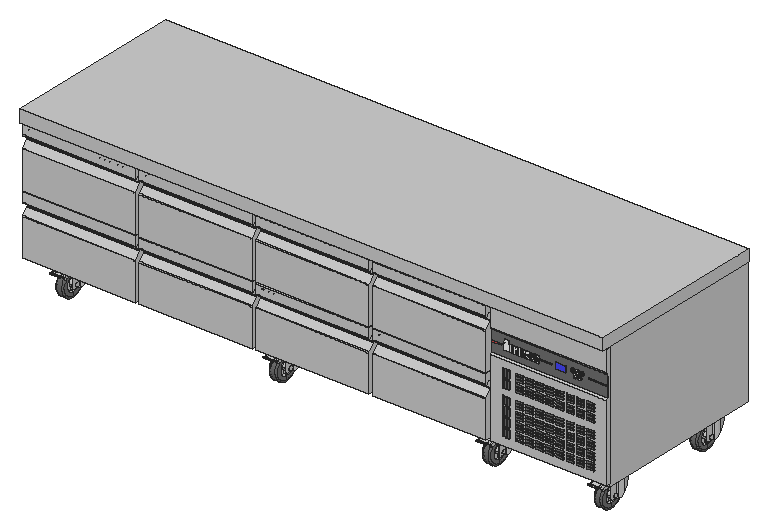
Revit family "QF_INOMAK_PWDP7777_250528083448", category Specialty Equipment, Revit 2021 (continued)
Definition of nested family "QF_INOMAK_REF_COUNTERS_DOORS_DRAWERS_16014"
  Definition of nested family "Hinged_Doors"
    Dimensions and locks
      aligned and locked: plane 5 "Front" to curve 2
      aligned and locked: plane 5 "Front" to curve 3
      aligned and locked: plane 5 "Front" to curve 4
      aligned and locked: Extrusion 4 to plane 16
      aligned and locked: Extrusion 2 to plane 16
      aligned and locked: Extrusion 1 sketch curve to plane 16
      aligned and locked: Extrusion 1 sketch curve to plane 15
      aligned and locked: Extrusion 3 sketch curve to plane 15
      aligned and locked: Extrusion 3 sketch curve to plane 16
    Automatic sketch dimensions
      Extrusion 1 sketch curve to Extrusion 1 sketch curve = 0 mm  (x2)
      Extrusion 1 sketch curve to plane 7 "Front legs" = 0 mm  (x2)
      plane 7 "Front legs" to Extrusion 1 sketch curve = 3 mm
      plane 7 "Front legs" to Extrusion 1 sketch curve = 3.461 mm
      plane 7 "Front legs" to Extrusion 1 sketch curve = 10 mm
      Extrusion 1 sketch curve to Extrusion 1 sketch curve = 7 mm
      plane 7 "Front legs" to Extrusion 1 sketch curve = 20 mm  (x2)
      Extrusion 1 sketch curve to Extrusion 1 sketch curve = 46.156 mm
      Extrusion 1 sketch curve to Extrusion 1 sketch curve = 15 mm
      Extrusion 1 sketch curve to Extrusion 1 sketch curve = 5.012 mm
      Extrusion 3 sketch curve to Extrusion 3 sketch curve = 0 mm  (x2)
      Extrusion 3 sketch curve to plane 7 "Front legs" = 0 mm  (x2)
      Extrusion 3 sketch curve to Extrusion 3 sketch curve = 3 mm
      plane 7 "Front legs" to Extrusion 3 sketch curve = 3.461 mm
      plane 7 "Front legs" to Extrusion 3 sketch curve = 10 mm
      Extrusion 3 sketch curve to Extrusion 3 sketch curve = 7 mm
      Extrusion 3 sketch curve to Extrusion 3 sketch curve = 16.539 mm
      Extrusion 3 sketch curve to Extrusion 3 sketch curve = 20 mm
      Extrusion 3 sketch curve to Extrusion 3 sketch curve = 46.156 mm
      Extrusion 3 sketch curve to Extrusion 3 sketch curve = 15 mm
      Extrusion 3 sketch curve to Extrusion 3 sketch curve = 5.012 mm
      Extrusion 4 sketch curve to plane 11 = 0 mm
      Extrusion 4 sketch curve to plane 7 "Front legs" = 0 mm
      Extrusion 4 sketch curve to plane 14 = 0 mm
  Definition of nested family "Hopper"
    Parameters (values of type "Hopper")
      URL = "www.specifiglobal.com"
      Top inset [instance] = 4 mm
      Right panel thickness [instance] = 35 mm
      Rear inset [instance] = 10 mm
      Plinth height [instance] = 150 mm
      Model = ""
      Manufacturer = "DEMO CONSULTANT"
      Length Actual [instance] = 700 mm
      Left panel thickness [instance] = 35 mm
      Hopper [instance] = Doors drawers type = 10  # yes
      Height Actual [instance] = 900 mm
      Front inset [instance] = 10 mm
      Finish [instance] = none
      Doors drawers type [instance] = 10
      Description = ""
      Depth Actual [instance] = 700 mm
      Default Elevation = 0 mm
      Bottom inset [instance] = 4 mm
      Assembly Code = "E1090320"
      2 Drawers = yes
    Reference planes
      plane 1 "Back": y = 0
      plane 2: z = 0
      plane 3 "Left": x = 0
      plane 4 "Right": x = 700
      plane 5 "Front": y = -700
      plane 6 "Top": z = 1050
      plane 7 "Front legs": y = -690
      plane 8 "Legs top": z = 150
      plane 9 "Backsplash thickness": y = -10
      plane 10 "Left panel": x = 35
      plane 11 "Right panel": x = 665
      plane 12: z = 1046
      plane 13: z = 154
    Forms (mm)
      Extrusion 1, solid, material <- "Finish", visible <- "Hopper"
        sketch origin (35, 0, 0) x (0, -1, 0) y (0, 0, 1)
          loop
            line (690, 154) -> (690, 960.365)
            arc (690, 960.365) -> (689.866, 961.037) -> (689.485, 961.607) r 1.757
            line (689.485, 961.607) -> (666.663, 984.429)
            arc (666.663, 984.429) -> (665.976, 985.458) -> (665.734, 986.672) r 3.172
            line (665.734, 986.672) -> (665.734, 1013.576)
            arc (665.734, 1013.576) -> (666.433, 1015.262) -> (668.119, 1015.961) r 2.385
            line (668.119, 1015.961) -> (680.029, 1015.961) -> (686.544, 1006.657)
            arc (686.544, 1006.657) -> (688.671, 1005.935) -> (690, 1007.747) r 1.9
            line (690, 1007.747) -> (690, 1046) -> (648, 1046) -> (648, 154) -> (690, 154)
        from 0 to -630
      Extrusion 2, solid, visible <- "Hopper", detail levels coarse
        sketch origin (35, 0, 0) x (0, -1, 0) y (0, 0, 1)
          loop
            line (690, 154) -> (1265, 154) -> (1265, 1046) -> (690, 1046) -> (690, 154)
        from 0 to -630
    Lines and regions (mm)
      symbolic lines, visible <- "Hopper"
        curve 1: line (35, -1225, 900) -> (35, -1265, 900)
        curve 2: line (35, -1265, 900) -> (665, -1265, 900)
        curve 3: line (665, -1265, 900) -> (665, -1225, 900)
        curve 4: line (665, -1225, 900) -> (35, -1225, 900)
        curve 5: line (635, -1225, 900) -> (635, -700, 900)
        curve 6: line (65, -1225, 900) -> (65, -700, 900)
    Dimensions and locks
      "Length Actual": plane 3 "Left" to plane 4 "Right"
      "Depth Actual": plane 5 "Front" to plane 1 "Back"
      "Height Actual": plane 6 "Top" to plane 8 "Legs top"
      "Front inset": plane 7 "Front legs" to plane 5 "Front"
      "Plinth height": plane 8 "Legs top" to plane 2
      "Rear inset": plane 9 "Backsplash thickness" to plane 1 "Back"
      "Right panel thickness": plane 11 "Right panel" to plane 4 "Right"
      "Left panel thickness": plane 3 "Left" to plane 10 "Left panel"
      "Top inset": plane 12 to plane 6 "Top"
      "Bottom inset": plane 13 to plane 8 "Legs top"
      aligned and locked: level to plane 2
      aligned and locked: Extrusion 1 to plane 11 "Right panel"
      aligned and locked: Extrusion 2 to plane 11 "Right panel"
      aligned and locked: plane 10 "Left panel" to Extrusion 2
      aligned and locked: Extrusion 1 sketch curve to plane 12
      aligned and locked: Extrusion 1 sketch curve to Extrusion 2
      aligned and locked: Extrusion 1 sketch curve to plane 13
    Automatic sketch dimensions
      Extrusion 1 sketch curve to Extrusion 1 sketch curve = 17.734 mm
      Extrusion 1 sketch curve to Extrusion 1 sketch curve = 0.929 mm
      Extrusion 1 sketch curve to Extrusion 1 sketch curve = 2.385 mm
      Extrusion 1 sketch curve to Extrusion 1 sketch curve = 3.172 mm
      Extrusion 1 sketch curve to Extrusion 1 sketch curve = 11.91 mm
      Extrusion 1 sketch curve to Extrusion 1 sketch curve = 6.515 mm
      Extrusion 1 sketch curve to Extrusion 1 sketch curve = 1.556 mm
      Extrusion 1 sketch curve to Extrusion 1 sketch curve = 21.58 mm
      Extrusion 1 sketch curve to Extrusion 1 sketch curve = 1.242 mm
      Extrusion 1 sketch curve to Extrusion 1 sketch curve = 1.9 mm
      Extrusion 1 sketch curve to Extrusion 1 sketch curve = 0.515 mm
      Extrusion 1 sketch curve to Extrusion 1 sketch curve = 22.822 mm
      Extrusion 1 sketch curve to Extrusion 1 sketch curve = 19.985 mm
      Extrusion 1 sketch curve to Extrusion 1 sketch curve = 6.919 mm
      Extrusion 1 sketch curve to Extrusion 1 sketch curve = 30.039 mm
      Extrusion 2 sketch curve to plane 7 "Front legs" = 0 mm
      plane 13 to Extrusion 2 sketch curve = 0 mm
      plane 12 to Extrusion 2 sketch curve = 0 mm
      Extrusion 2 sketch curve to plane 5 "Front" = 565 mm
      curve 1 to plane 10 "Left panel" = 0 mm
      curve 2 to plane 11 "Right panel" = 0 mm
      curve 6 to plane 5 "Front" = 0 mm
      curve 5 to plane 5 "Front" = 0 mm
      curve 4 to plane 5 "Front" = 525 mm
      curve 3 to curve 3 = 40 mm
      plane 11 "Right panel" to curve 5 = 30 mm
      curve 6 to plane 10 "Left panel" = 30 mm
Definition of nested family "QF_INOMAK_REF_COUNTERS_DOORS_DRAWERS_25485"
  Parameters (values of type "DR-LX-710")
    Weight [instance] = 0.00 kg
    Warranty Start Date [instance] = ""
    Warranty Duration [instance] = ""
    URL Cutsheet [instance] = ""
    URL = "www.inomak.com"
    Top inset [instance] = 10 mm
    Technical Documentation [instance] = ""
    Tag Number [instance] = ""
    Status [instance] = ""
    Specification by User [instance] = ""
    Specification by Manufacturer [instance] = ""
    Sound Level [instance] = ""
    Solid Fuel Type [instance] = ""
    Show Logo [instance] = yes
    Show Clearances [instance] = yes
    Service Life Duration [instance] = ""
    Serial Number [instance] = ""
    Seismic Rating [instance] = ""
    SMACNA No [instance] = ""
    Right panel thickness [instance] = 0 mm
    Revision Code [instance] = ""
    Revision [instance] = ""
    Rear inset [instance] = 0 mm
    Production Year [instance] = ""
    Point Load [instance] = 0
    Plinth height [instance] = 0 mm
    Other Equipment Approvals [instance] = ""
    NAFEM Spec ID Number [instance] = ""
    Model Warning [instance] = ""
    Model = "DR-LX-710"
    Masterspec [instance] = ""
    Manufacturer = "INOMAK"
    Length Actual [instance] = 435 mm
    Left panel thickness [instance] = 0 mm
    Item Number [instance] = ""
    Installed By [instance] = ""
    Installation Date [instance] = ""
    Identify Quantity as Lot [instance] = yes
    ID [instance] = ""
    Hygiene Approval [instance] = ""
    Height Actual [instance] = 710 mm
    Furnished By [instance] = ""
    Front inset [instance] = 10 mm
    Foodservice Equipment Identifier [instance] = yes
    Finish [instance] = none
    ETL Approved [instance] = yes
    Doors drawers type [instance] = 8
    Description = "LEFT HINGED DOOR"
    Depth Actual [instance] = 700 mm
    Default Elevation = 0 mm
    CSI MasterFormat [instance] = ""
    CE Approved [instance] = yes
    Bottom inset [instance] = 10 mm
    Barcode [instance] = ""
    Author [instance] = ""
    Asset Identifier [instance] = ""
    Assembly Code = "E1090320"
    Accessory [instance] = yes
  Types (9, lengths in mm): name | Model | Height Actual | Doors drawers type | Description
    DW-2-710 | "DW-2-710" | 710 | 4 | "2 X GN 1/2 DRAWERS"
    DR-LX-710 | "DR-LX-710" | 710 | 8 | "LEFT HINGED DOOR"
    DR-RX-710 | "DR-RX-710" | 710 | 9 | "RIGHT HINGED DOOR"
    DW-3-710 | "DW-3-710" | 710 | 6 | "3 X GN 1/3 DRAWERS"
    DW-B-710 | "DW-B-710" | 710 | 5 | "1 X GN 1/3 & 1 X GN 2/3 DRAWERS"
    DW-2-483 | "DW-2-483" | 483 | 4 | "2 X GN 1/3 DRAWERS"
    DR-LX-483 | "DR-LX-483" | 483 | 8 | "LEFT HINGED DOOR"
    DR-RX-483 | "DR-RX-483" | 483 | 9 | "RIGHT HINGED DOOR"
    DW-1-483 | "DW-1-483" | 483 | 10 | "1 X GN 2/3 DRAWER"
  Reference planes
    plane 1 "Front": y = 0
    plane 2: z = 0
    plane 3 "Left": x = 0
    plane 4 "Right": x = 435
    plane 5 "Back": y = 700
    plane 6 "Top": z = 710
    plane 7 "Bottom shelf": z = 0
    plane 8: z = 700
    plane 9: z = 10
    plane 10: x = 0
    plane 11: x = 435
    plane 12 "Center Top Bottom": z = 355
  Lines and regions (mm)
    reference lines
      curve 1: line (0, 0, 355) -> (0, 25, 355)
      curve 2: line (435, 0, 355) -> (435, 25, 355)
      curve 3: line (0, 700, 355) -> (435, 700, 355)
      curve 4: line (0, 0, 355) -> (435, 0, 355)
  Dimensions and locks
    "Length Actual": plane 3 "Left" to plane 4 "Right"
    "Depth Actual": plane 1 "Front" to plane 5 "Back"
    "Height Actual": plane 6 "Top" to plane 7 "Bottom shelf"
    "Plinth height": plane 7 "Bottom shelf" to plane 2
    "Top inset": plane 6 "Top" to plane 8
    "Bottom inset": plane 9 to plane 7 "Bottom shelf"
    "Left panel thickness": plane 3 "Left" to plane 10
    "Right panel thickness": plane 11 to plane 4 "Right"
    equal spacing: plane 6 "Top", plane 12 "Center Top Bottom", plane 7 "Bottom shelf"
    "Length Actual": curve 1 to plane 4 "Right"
    "Length Actual": plane 3 "Left" to curve 2
    "Depth Actual": plane 1 "Front" to curve 3
    "Depth Actual": plane 5 "Back" to curve 4
    aligned and locked: level to plane 2
    aligned and locked: plane 3 "Left" to nested 1
    aligned and locked: plane 3 "Left" to nested 2
    aligned and locked: plane 3 "Left" to nested 3
    aligned and locked: plane 3 "Left" to nested 4
    aligned and locked: plane 3 "Left" to nested 5
    aligned and locked: plane 3 "Left" to nested 6
    aligned and locked: plane 3 "Left" to nested 7
    aligned and locked: plane 3 "Left" to nested 8
    aligned and locked: plane 3 "Left" to nested 9
    aligned and locked: nested 4 to plane 1 "Front"
    aligned and locked: nested 6 to plane 1 "Front"
    aligned and locked: nested 8 to plane 1 "Front"
    aligned and locked: nested 5 to plane 1 "Front"
    aligned and locked: nested 3 to plane 1 "Front"
    aligned and locked: nested 7 to plane 1 "Front"
    aligned and locked: nested 2 to plane 1 "Front"
    aligned and locked: nested 1 to plane 1 "Front"
    aligned and locked: nested 9 to plane 1 "Front"
  Automatic sketch dimensions
    curve 3 to plane 4 "Right" = 0 mm
    curve 3 to plane 3 "Left" = 0 mm
    curve 2 to curve 2 = 25 mm
    curve 1 to curve 1 = 25 mm
  Nested families
    nested 1: "Right_Door" at (0, 700, 0), Depth Actual <- "Depth Actual", Height Actual <- "Height Actual", Length Actual <- "Length Actual", Front inset <- "Front inset", Rear inset <- "Rear inset", Left panel thickness <- "Left panel thickness", Right panel thickness <- "Right panel thickness", Doors drawers type <- "Doors drawers type", Plinth height <- "Plinth height", Top inset <- "Top inset", Bottom inset <- "Bottom inset", type "Right door"
      with Top inset 10 mm, Right panel thickness 0 mm, Right hand hinged door no, Rear inset 0 mm, Plinth height 0 mm, Length Actual 435 mm, Left panel thickness 0 mm, Height Actual 710 mm, Front inset 10 mm, Doors drawers type 8, Depth Actual 700 mm, Bottom inset 10 mm
    nested 2: "Left_Door" at (0, 700, 0), Depth Actual <- "Depth Actual", Height Actual <- "Height Actual", Length Actual <- "Length Actual", Front inset <- "Front inset", Rear inset <- "Rear inset", Left panel thickness <- "Left panel thickness", Right panel thickness <- "Right panel thickness", Doors drawers type <- "Doors drawers type", Plinth height <- "Plinth height", Top inset <- "Top inset", Bottom inset <- "Bottom inset", type "Left door"
      with Top inset 10 mm, Right panel thickness 0 mm, Rear inset 0 mm, Plinth height 0 mm, Length Actual 435 mm, Left panel thickness 0 mm, Left hand hinged door yes, Height Actual 710 mm, Front inset 10 mm, Doors drawers type 8, Depth Actual 700 mm, Bottom inset 10 mm
    nested 3: "3_Drawers_1-3" at (0, 700, 0), Depth Actual <- "Depth Actual", Height Actual <- "Height Actual", Length Actual <- "Length Actual", Front inset <- "Front inset", Rear inset <- "Rear inset", Left panel thickness <- "Left panel thickness", Right panel thickness <- "Right panel thickness", Doors drawers type <- "Doors drawers type", Plinth height <- "Plinth height", Top inset <- "Top inset", Bottom inset <- "Bottom inset", type "3 Drawers 1-3"
      with Top inset 10 mm, Right panel thickness 0 mm, Rear inset 0 mm, Plinth height 0 mm, Length Actual 435 mm, Left panel thickness 0 mm, Height Actual 710 mm, Front inset 10 mm, Doors drawers type 8, Depth Actual 700 mm, Bottom inset 10 mm, 3 Drawers no
    nested 4: "2_Drawers_1-2" at (0, 700, 0), Depth Actual <- "Depth Actual", Height Actual <- "Height Actual", Length Actual <- "Length Actual", Front inset <- "Front inset", Rear inset <- "Rear inset", Left panel thickness <- "Left panel thickness", Right panel thickness <- "Right panel thickness", Doors drawers type <- "Doors drawers type", Plinth height <- "Plinth height", Top inset <- "Top inset", Bottom inset <- "Bottom inset", type "2 Drawers 1-2"
      with Top inset 10 mm, Right panel thickness 0 mm, Rear inset 0 mm, Plinth height 0 mm, Length Actual 435 mm, Left panel thickness 0 mm, Height Actual 710 mm, Front inset 10 mm, Doors drawers type 8, Depth Actual 700 mm, Bottom inset 10 mm, 2 Drawers no
    nested 5: "2_Drawers_1-3_2-3" at (0, 700, 0), Depth Actual <- "Depth Actual", Height Actual <- "Height Actual", Length Actual <- "Length Actual", Front inset <- "Front inset", Rear inset <- "Rear inset", Left panel thickness <- "Left panel thickness", Right panel thickness <- "Right panel thickness", Doors drawers type <- "Doors drawers type", Plinth height <- "Plinth height", Top inset <- "Top inset", Bottom inset <- "Bottom inset", type "2 Drawers 1-3 and 2-3"
      with Top inset 10 mm, Right panel thickness 0 mm, Rear inset 0 mm, Plinth height 0 mm, Length Actual 435 mm, Left panel thickness 0 mm, Height Actual 710 mm, Front inset 10 mm, Doors drawers type 8, Depth Actual 700 mm, Bottom inset 10 mm, 2 Drawers 1-3 and 2-3 no
    nested 6: "Sliding_Doors" at (0, 700, 0), Depth Actual <- "Depth Actual", Height Actual <- "Height Actual", Length Actual <- "Length Actual", Front inset <- "Front inset", Rear inset <- "Rear inset", Left panel thickness <- "Left panel thickness", Right panel thickness <- "Right panel thickness", Doors drawers type <- "Doors drawers type", Plinth height <- "Plinth height", Top inset <- "Top inset", Bottom inset <- "Bottom inset", Finish <- "Finish", type "Sliding doors"
      with Top inset 10 mm, Sliding doors no, Right panel thickness 0 mm, Rear inset 0 mm, Plinth height 0 mm, Length Actual 435 mm, Left panel thickness 0 mm, Height Actual 710 mm, Front inset 10 mm, Finish none, Doors drawers type 8, Depth Actual 700 mm, Bottom inset 10 mm
    nested 7: "4_Drawers_1-4" at (0, 700, 0), Depth Actual <- "Depth Actual", Height Actual <- "Height Actual", Length Actual <- "Length Actual", Front inset <- "Front inset", Rear inset <- "Rear inset", Left panel thickness <- "Left panel thickness", Right panel thickness <- "Right panel thickness", Doors drawers type <- "Doors drawers type", Plinth height <- "Plinth height", Top inset <- "Top inset", Bottom inset <- "Bottom inset", Finish <- "Finish", type "4 Drawers 1-4"
      with Top inset 10 mm, Right panel thickness 0 mm, Rear inset 0 mm, Plinth height 0 mm, Length Actual 435 mm, Left panel thickness 0 mm, Height Actual 710 mm, Front inset 10 mm, Finish none, Doors drawers type 8, Depth Actual 700 mm, Bottom inset 10 mm, 4 Drawers no
    nested 8: "Hinged_Doors" at (0, 700, 0), Length Actual <- "Length Actual", Depth Actual <- "Depth Actual", Height Actual <- "Height Actual", Front inset <- "Front inset", Rear inset <- "Rear inset", Left panel thickness <- "Left panel thickness", Right panel thickness <- "Right panel thickness", Doors drawers type <- "Doors drawers type", Plinth height <- "Plinth height", Top inset <- "Top inset", Bottom inset <- "Bottom inset", Finish <- "Finish", type "Hinged doors"
      with Top inset 10 mm, Right panel thickness 0 mm, Rear inset 0 mm, Plinth height 0 mm, Length Actual 435 mm, Left panel thickness 0 mm, Hinged doors no, Height Actual 710 mm, Front inset 10 mm, Finish none, Doors drawers type 8, Depth Actual 700 mm, Bottom inset 10 mm
    nested 9: "Hopper" at (0, 700, 1.284), Length Actual <- "Length Actual", Depth Actual <- "Depth Actual", Height Actual <- "Height Actual", Front inset <- "Front inset", Rear inset <- "Rear inset", Left panel thickness <- "Left panel thickness", Right panel thickness <- "Right panel thickness", Doors drawers type <- "Doors drawers type", Plinth height <- "Plinth height", Top inset <- "Top inset", Bottom inset <- "Bottom inset", Finish <- "Finish", type "Hopper"
      with Top inset 10 mm, Right panel thickness 0 mm, Rear inset 0 mm, Plinth height 0 mm, Length Actual 435 mm, Left panel thickness 0 mm, Hopper no, Height Actual 710 mm, Front inset 10 mm, Finish none, Doors drawers type 8, Depth Actual 700 mm, Bottom inset 10 mm
  Definition of nested family "Left_Door"
    Parameters (values of type "Left door")
      URL = "www.specifiglobal.com"
      Top inset [instance] = 10 mm
      Right panel thickness [instance] = 0 mm
      Rear inset [instance] = 0 mm
      Plinth height [instance] = 150 mm
      Model = ""
      Manufacturer = "DEMO CONSULTANT"
      Length Actual [instance] = 700 mm
      Left panel thickness [instance] = 0 mm
      Left hand hinged door [instance] = Doors drawers type = 8  # yes
      Height Actual [instance] = 710 mm
      Front inset [instance] = 10 mm
      Finish = none
      Doors drawers type [instance] = 8
      Description = ""
      Depth Actual [instance] = 700 mm
      Default Elevation = 0 mm
      Bottom inset [instance] = 0 mm
      Assembly Code = "E1090320"
    Reference planes
      plane 1 "Back": y = 0
      plane 2: z = 0
      plane 3 "Left": x = 0
      plane 4 "Right": x = 700
      plane 5 "Front": y = -700
      plane 6 "Top": z = 860
      plane 7 "Front legs": y = -690
      plane 8 "Legs top": z = 150
      plane 9 "Backsplash thickness": y = 0
      plane 10 "Left panel": x = 0
      plane 11 "Right panel": x = 700
      plane 12: z = 850
      plane 13: z = 150
    Forms (mm)
      Extrusion 1, solid, material <- "Finish", visible <- "Left hand hinged door"
        sketch origin (0, 0, 0) x (0, -1, 0) y (0, 0, 1)
          loop
            line (690, 150) -> (690, 764.365)
            arc (690, 764.365) -> (689.866, 765.037) -> (689.485, 765.607) r 1.757
            line (689.485, 765.607) -> (666.663, 788.429)
            arc (666.663, 788.429) -> (665.976, 789.458) -> (665.734, 790.672) r 3.172
            line (665.734, 790.672) -> (665.734, 817.576)
            arc (665.734, 817.576) -> (666.433, 819.262) -> (668.119, 819.961) r 2.385
            line (668.119, 819.961) -> (680.029, 819.961) -> (686.544, 810.657)
            arc (686.544, 810.657) -> (688.671, 809.935) -> (690, 811.747) r 1.9
            line (690, 811.747) -> (690, 850) -> (648, 850) -> (648, 150) -> (690, 150)
        from 0 to -700
      Extrusion 2, solid, visible <- "Left hand hinged door", detail levels coarse
        sketch origin (0, -700, 150) x (-1, 0, 0) y (0, 1, 0)
          loop
            arc (-700, 10) -> (-495.871, -481.066) -> (0, -673.23) r 677.11
            line (0, -673.23) -> (0, 10) -> (-700, 10)
        from 0 to -700
    Lines and regions (mm)
      symbolic lines, visible <- "Left hand hinged door"
        curve 1: line (0, -700, 150) -> (0, -1373.247, 150)
        curve 2: arc (0, -1373.247, 150) -> (492.316, -1184.595, 150) -> (700, -700, 150) r 676.963
    Dimensions and locks
      "Length Actual": plane 3 "Left" to plane 4 "Right"
      "Depth Actual": plane 5 "Front" to plane 1 "Back"
      "Height Actual": plane 6 "Top" to plane 8 "Legs top"
      "Front inset": plane 7 "Front legs" to plane 5 "Front"
      "Plinth height": plane 8 "Legs top" to plane 2
      "Rear inset": plane 9 "Backsplash thickness" to plane 1 "Back"
      "Right panel thickness": plane 11 "Right panel" to plane 4 "Right"
      "Left panel thickness": plane 3 "Left" to plane 10 "Left panel"
      "Top inset": plane 6 "Top" to plane 12
      "Bottom inset": plane 13 to plane 8 "Legs top"
      aligned and locked: level to plane 2
      aligned and locked: Extrusion 1 to plane 11 "Right panel"
      aligned and locked: plane 10 "Left panel" to Extrusion 2 sketch curve
      aligned and locked: plane 11 "Right panel" to Extrusion 2 sketch curve
      aligned and locked: Extrusion 2 sketch curve to plane 10 "Left panel"
      aligned and locked: plane 7 "Front legs" to Extrusion 2 sketch curve
      aligned and locked: plane 7 "Front legs" to Extrusion 2
      aligned and locked: plane 10 "Left panel" to Extrusion 2
      aligned and locked: Extrusion 2 to plane 12
      aligned and locked: Extrusion 1 sketch curve to plane 13
      aligned and locked: Extrusion 1 sketch curve to plane 7 "Front legs"
      aligned and locked: Extrusion 1 sketch curve to plane 12
    Automatic sketch dimensions
      Extrusion 1 sketch curve to Extrusion 1 sketch curve = 1.556 mm
      Extrusion 1 sketch curve to Extrusion 1 sketch curve = 11.91 mm
      Extrusion 1 sketch curve to Extrusion 1 sketch curve = 2.243 mm
      Extrusion 1 sketch curve to Extrusion 1 sketch curve = 2.385 mm
      Extrusion 1 sketch curve to Extrusion 1 sketch curve = 20.119 mm
      Extrusion 1 sketch curve to Extrusion 1 sketch curve = 22.822 mm
      Extrusion 1 sketch curve to Extrusion 1 sketch curve = 19.985 mm
      Extrusion 1 sketch curve to Extrusion 1 sketch curve = 6.919 mm
      Extrusion 1 sketch curve to Extrusion 1 sketch curve = 30.039 mm
      plane 7 "Front legs" to Extrusion 1 sketch curve = 42 mm
      Extrusion 1 sketch curve to Extrusion 1 sketch curve = 0.929 mm
      Extrusion 1 sketch curve to Extrusion 1 sketch curve = 6.515 mm
      Extrusion 1 sketch curve to Extrusion 1 sketch curve = 1.242 mm
      Extrusion 1 sketch curve to Extrusion 1 sketch curve = 1.9 mm
      Extrusion 1 sketch curve to Extrusion 1 sketch curve = 0.515 mm
      plane 5 "Front" to Extrusion 2 sketch curve = 3.492 mm
      plane 3 "Left" to Extrusion 2 sketch curve = 22.921 mm
      curve 1 to plane 3 "Left" = 0 mm
      curve 2 to plane 4 "Right" = 0 mm
      curve 2 to plane 5 "Front" = 0 mm
      curve 1 to plane 5 "Front" = 0 mm
      plane 5 "Front" to curve 2 = 3.324 mm
      plane 3 "Left" to curve 2 = 23.045 mm
  Definition of nested family "Right_Door"
    Parameters (values of type "Right door")
      URL = "www.specifiglobal.com"
      Top inset [instance] = 4 mm
      Right panel thickness [instance] = 35 mm
      Right hand hinged door [instance] = Doors drawers type = 9  # yes
      Rear inset [instance] = 10 mm
      Plinth height [instance] = 150 mm
      Model = ""
      Manufacturer = "DEMO CONSULTANT"
      Length Actual [instance] = 1700 mm
      Left panel thickness [instance] = 35 mm
      Height Actual [instance] = 900 mm
      Front inset [instance] = 10 mm
      Finish = none
      Doors drawers type [instance] = 9
      Description = ""
      Depth Actual [instance] = 700 mm
      Default Elevation = 0 mm
      Bottom inset [instance] = 4 mm
      Assembly Code = "E1090320"
    Reference planes
      plane 1 "Back": y = 0
      plane 2: z = 0
      plane 3 "Left": x = 0
      plane 4 "Right": x = 1700
      plane 5 "Front": y = -700
      plane 6 "Top": z = 1050
      plane 7 "Front legs": y = -690
      plane 8 "Legs top": z = 150
      plane 9 "Backsplash thickness": y = -10
      plane 10 "Left panel": x = 35
      plane 11 "Right panel": x = 1665
      plane 12: z = 1046
      plane 13: z = 154
    Forms (mm)
      Extrusion 1, solid, material <- "Finish", visible <- "Right hand hinged door"
        sketch origin (35, 0, 0) x (0, -1, 0) y (0, 0, 1)
          loop
            line (690, 154) -> (690, 960.365)
            arc (690, 960.365) -> (689.866, 961.037) -> (689.485, 961.607) r 1.757
            line (689.485, 961.607) -> (666.663, 984.429)
            arc (666.663, 984.429) -> (665.976, 985.458) -> (665.734, 986.672) r 3.172
            line (665.734, 986.672) -> (665.734, 1013.576)
            arc (665.734, 1013.576) -> (666.433, 1015.262) -> (668.119, 1015.961) r 2.385
            line (668.119, 1015.961) -> (680.029, 1015.961) -> (686.544, 1006.657)
            arc (686.544, 1006.657) -> (688.671, 1005.935) -> (690, 1007.747) r 1.9
            line (690, 1007.747) -> (690, 1046) -> (648, 1046) -> (648, 154) -> (690, 154)
        from 0 to -1630
      Extrusion 2, solid, visible <- "Right hand hinged door", detail levels coarse
        sketch origin (0, -700, 154) x (-1, 0, 0) y (0, 1, 0)
          loop
            line (-1665, 10) -> (-1665, -1637.12)
            arc (-1665, -1637.12) -> (-517.894, -1142.214) -> (-35, 10) r 1670.236
            line (-35, 10) -> (-1665, 10)
        from 0 to -892
    Lines and regions (mm)
      symbolic lines, visible <- "Right hand hinged door"
        curve 1: line (1665, -2337.12, 150) -> (1665, -700, 150)
        curve 2: arc (1665, -2337.12, 150) -> (521.415, -1845.762, 150) -> (35.165, -699.995, 150) r 1670.236
    Dimensions and locks
      "Length Actual": plane 3 "Left" to plane 4 "Right"
      "Depth Actual": plane 5 "Front" to plane 1 "Back"
      "Height Actual": plane 6 "Top" to plane 8 "Legs top"
      "Front inset": plane 7 "Front legs" to plane 5 "Front"
      "Plinth height": plane 8 "Legs top" to plane 2
      "Rear inset": plane 9 "Backsplash thickness" to plane 1 "Back"
      "Right panel thickness": plane 11 "Right panel" to plane 4 "Right"
      "Left panel thickness": plane 3 "Left" to plane 10 "Left panel"
      "Top inset": plane 6 "Top" to plane 12
      "Bottom inset": plane 13 to plane 8 "Legs top"
      aligned and locked: level to plane 2
      aligned and locked: Extrusion 1 to plane 11 "Right panel"
      aligned and locked: plane 10 "Left panel" to Extrusion 2 sketch curve
      aligned and locked: plane 11 "Right panel" to Extrusion 2 sketch curve
      aligned and locked: plane 7 "Front legs" to Extrusion 2
      aligned and locked: plane 7 "Front legs" to Extrusion 2 sketch curve
      aligned and locked: Extrusion 2 sketch curve to plane 11 "Right panel"
      aligned and locked: curve 1 to Extrusion 2
      aligned and locked: plane 5 "Front" to curve 1
      aligned and locked: Extrusion 2 to plane 12
      aligned and locked: Extrusion 1 sketch curve to plane 12
      aligned and locked: Extrusion 1 sketch curve to plane 7 "Front legs"
      aligned and locked: Extrusion 1 sketch curve to plane 13
      aligned and locked: curve 2 to Extrusion 2
    Automatic sketch dimensions
      Extrusion 1 sketch curve to Extrusion 1 sketch curve = 1.556 mm
      Extrusion 1 sketch curve to Extrusion 1 sketch curve = 11.91 mm
      Extrusion 1 sketch curve to Extrusion 1 sketch curve = 2.243 mm
      Extrusion 1 sketch curve to Extrusion 1 sketch curve = 2.385 mm
      Extrusion 1 sketch curve to Extrusion 1 sketch curve = 20.119 mm
      Extrusion 1 sketch curve to Extrusion 1 sketch curve = 22.822 mm
      Extrusion 1 sketch curve to Extrusion 1 sketch curve = 19.985 mm
      Extrusion 1 sketch curve to Extrusion 1 sketch curve = 6.919 mm
      Extrusion 1 sketch curve to Extrusion 1 sketch curve = 30.039 mm
      plane 7 "Front legs" to Extrusion 1 sketch curve = 42 mm
      Extrusion 1 sketch curve to Extrusion 1 sketch curve = 0.929 mm
      Extrusion 1 sketch curve to Extrusion 1 sketch curve = 6.515 mm
      Extrusion 1 sketch curve to Extrusion 1 sketch curve = 1.242 mm
      Extrusion 1 sketch curve to Extrusion 1 sketch curve = 1.9 mm
      Extrusion 1 sketch curve to Extrusion 1 sketch curve = 0.515 mm
      Extrusion 2 sketch curve to plane 4 "Right" = 5.083 mm
      plane 7 "Front legs" to Extrusion 2 sketch curve = 22.635 mm
      plane 5 "Front" to curve 2 = 0.005 mm
  Definition of nested family "3_Drawers_1-3"
    Parameters (values of type "3 Drawers 1-3")
      URL = "www.specifiglobal.com"
      Top inset [instance] = 4 mm
      Right panel thickness [instance] = 35 mm
      Rear inset [instance] = 10 mm
      Plinth height [instance] = 150 mm
      Model = ""
      Manufacturer = "DEMO CONSULTANT"
      Length Actual [instance] = 1200 mm
      Left panel thickness [instance] = 35 mm
      Height Actual [instance] = 900 mm
      Front inset [instance] = 10 mm
      Finish = none
      Doors drawers type [instance] = 6
      Description = ""
      Depth Actual [instance] = 700 mm
      Default Elevation = 0 mm
      Bottom inset [instance] = 4 mm
      Assembly Code = "E1090320"
      3 Drawers [instance] = Doors drawers type = 6  # yes
    Reference planes
      plane 1 "Back": y = 0
      plane 2: z = 0
      plane 3 "Left": x = 0
      plane 4 "Right": x = 1200
      plane 5 "Front": y = -700
      plane 6 "Top": z = 1050
      plane 7 "Front legs": y = -690
      plane 8 "Legs top": z = 150
      plane 9 "Backsplash thickness": y = -10
      plane 10 "Left panel": x = 35
      plane 11 "Right panel": x = 1165
      plane 12: z = 749.333
      plane 13: z = 1046
      plane 14: z = 751.667
      plane 15: z = 747
      plane 16: z = 1048
      plane 17: z = 450.667
      plane 18: z = 453.333
      plane 19: z = 448
      plane 20: z = 154
      plane 21: z = 152
    Forms (mm)
      Extrusion 1, solid, material <- "Finish", visible <- "3 Drawers"
        sketch origin (35, 0, 0) x (0, -1, 0) y (0, 0, 1)
          loop
            line (690, 751.667) -> (690, 960.365)
            arc (690, 960.365) -> (689.866, 961.037) -> (689.485, 961.607) r 1.757
            line (689.485, 961.607) -> (666.663, 984.429)
            arc (666.663, 984.429) -> (665.976, 985.458) -> (665.734, 986.672) r 3.172
            line (665.734, 986.672) -> (665.734, 1013.576)
            arc (665.734, 1013.576) -> (666.433, 1015.262) -> (668.119, 1015.961) r 2.385
            line (668.119, 1015.961) -> (680.029, 1015.961) -> (686.544, 1006.657)
            arc (686.544, 1006.657) -> (688.671, 1005.935) -> (690, 1007.747) r 1.9
            line (690, 1007.747) -> (690, 1046) -> (648, 1046) -> (648, 751.667) -> (690, 751.667)
        from 0 to -1130
      Extrusion 2, solid, visible <- "3 Drawers", detail levels coarse
        sketch origin (0, -640.463, 751.667) x (0, 1, 0) y (-1, 0, 0)
          loop
            line (-49.537, -35) -> (-624.582, -35) -> (-624.582, -1165) -> (-49.537, -1165) -> (-49.537, -35)
        from 0 to 294.333
      Extrusion 3, solid, visible <- "3 Drawers", detail levels coarse
        sketch origin (0, -640.463, 453.333) x (0, 1, 0) y (-1, 0, 0)
          loop
            line (-49.537, -35) -> (-624.582, -35) -> (-624.582, -1165) -> (-49.537, -1165) -> (-49.537, -35)
        from 0 to 293.667
      Extrusion 4, solid, visible <- "3 Drawers", detail levels coarse
        sketch origin (0, -700, 154) x (-1, 0, 0) y (0, 1, 0)
          loop
            line (-35, 10) -> (-1165, 10) -> (-1165, -565.045) -> (-35, -565.045) -> (-35, 10)
        from 0 to -294
      Extrusion 5, solid, material <- "Finish", visible <- "3 Drawers"
        sketch origin (35, 0, -220.667) x (0, -1, 0) y (0, 0, 1)
          loop
            line (690, 674) -> (690, 882.031)
            arc (690, 882.031) -> (689.866, 882.704) -> (689.485, 883.274) r 1.757
            line (689.485, 883.274) -> (666.663, 906.096)
            arc (666.663, 906.096) -> (665.976, 907.125) -> (665.734, 908.339) r 3.172
            line (665.734, 908.339) -> (665.734, 935.243)
            arc (665.734, 935.243) -> (666.433, 936.929) -> (668.119, 937.628) r 2.385
            line (668.119, 937.628) -> (680.029, 937.628) -> (686.544, 928.324)
            arc (686.544, 928.324) -> (688.671, 927.602) -> (690, 929.414) r 1.9
            line (690, 929.414) -> (690, 967.667) -> (648, 967.667) -> (648, 674) -> (690, 674)
        from 0 to -1130
      Extrusion 6, solid, material <- "Finish", visible <- "3 Drawers"
        sketch origin (35, 0, -441.333) x (0, -1, 0) y (0, 0, 1)
          loop
            line (690, 595.333) -> (690, 800.031)
            arc (690, 800.031) -> (689.866, 800.704) -> (689.485, 801.274) r 1.757
            line (689.485, 801.274) -> (666.663, 824.096)
            arc (666.663, 824.096) -> (665.976, 825.125) -> (665.734, 826.339) r 3.172
            line (665.734, 826.339) -> (665.734, 857.243)
            arc (665.734, 857.243) -> (666.433, 858.929) -> (668.119, 859.628) r 2.385
            line (668.119, 859.628) -> (680.029, 859.628) -> (686.544, 850.324)
            arc (686.544, 850.324) -> (688.671, 849.602) -> (690, 851.414) r 1.9
            line (690, 851.414) -> (690, 889.333) -> (648, 889.333) -> (648, 595.333) -> (690, 595.333)
        from 0 to -1130
    Lines and regions (mm)
      symbolic lines, visible <- "3 Drawers"
        curve 1: line (35, -850, 900) -> (35, -890, 900)
        curve 2: line (35, -890, 900) -> (1165, -890, 900)
        curve 3: line (1165, -890, 900) -> (1165, -850, 900)
        curve 4: line (1165, -850, 900) -> (35, -850, 900)
        curve 5: line (1135, -850, 900) -> (1135, -700, 900)
        curve 6: line (65, -850, 900) -> (65, -700, 900)
        curve 7: line (35, -1040, 900) -> (35, -1080, 900)
        curve 8: line (35, -1080, 900) -> (1165, -1080, 900)
        curve 9: line (1165, -1080, 900) -> (1165, -1040, 900)
        curve 10: line (1165, -1040, 900) -> (35, -1040, 900)
        curve 11: line (1135, -1040, 900) -> (1135, -890, 900)
        curve 12: line (65, -1040, 900) -> (65, -890, 900)
        curve 13: line (35, -1225, 900) -> (35, -1265, 900)
        curve 14: line (35, -1265, 900) -> (1165, -1265, 900)
        curve 15: line (1165, -1265, 900) -> (1165, -1225, 900)
        curve 16: line (1165, -1225, 900) -> (35, -1225, 900)
        curve 17: line (1135, -1225, 900) -> (1135, -1080, 900)
        curve 18: line (65, -1225, 900) -> (65, -1080, 900)
    Dimensions and locks
      "Length Actual": plane 3 "Left" to plane 4 "Right"
      "Depth Actual": plane 5 "Front" to plane 1 "Back"
      "Height Actual": plane 6 "Top" to plane 8 "Legs top"
      "Front inset": plane 7 "Front legs" to plane 5 "Front"
      "Plinth height": plane 8 "Legs top" to plane 2
      "Rear inset": plane 9 "Backsplash thickness" to plane 1 "Back"
      "Right panel thickness": plane 11 "Right panel" to plane 4 "Right"
      "Left panel thickness": plane 3 "Left" to plane 10 "Left panel"
      plane 14 to plane 15 = 4.667 mm
      equal spacing: plane 14, plane 12, plane 15
      locked: plane 16 to plane 13 at 2
      equal spacing: plane 18, plane 17, plane 19
      plane 18 to plane 19 = 5.333 mm
      "Bottom inset": plane 20 to plane 8 "Legs top"
      equal spacing: plane 21, plane 17, plane 12, plane 16
      "Top inset": plane 13 to plane 6 "Top"
      locked: plane 21 to plane 20 at 2
      aligned and locked: level to plane 2
      aligned and locked: Extrusion 1 to plane 11 "Right panel"
      aligned and locked: plane 10 "Left panel" to curve 1
      aligned and locked: plane 10 "Left panel" to curve 7
      aligned and locked: plane 10 "Left panel" to curve 13
      aligned and locked: Extrusion 2 sketch curve to plane 10 "Left panel"
      aligned and locked: plane 11 "Right panel" to Extrusion 2 sketch curve
      aligned and locked: Extrusion 3 sketch curve to plane 10 "Left panel"
      aligned and locked: plane 11 "Right panel" to Extrusion 3 sketch curve
      aligned and locked: Extrusion 4 sketch curve to plane 10 "Left panel"
      aligned and locked: plane 11 "Right panel" to Extrusion 4 sketch curve
      aligned and locked: Extrusion 2 to plane 13
      aligned and locked: Extrusion 3 to plane 15
      aligned and locked: Extrusion 4 to plane 19
      aligned and locked: Extrusion 5 to plane 11 "Right panel"
      aligned and locked: Extrusion 6 to plane 11 "Right panel"
      aligned and locked: Extrusion 1 sketch curve to plane 13
      aligned and locked: Extrusion 1 sketch curve to plane 7 "Front legs"
      aligned and locked: plane 18 to Extrusion 5 sketch curve
      aligned and locked: Extrusion 6 sketch curve to Extrusion 4  (x2)
      aligned and locked: Extrusion 5 sketch curve to plane 15
      aligned and locked: Extrusion 4 to Extrusion 5 sketch curve
      aligned and locked: Extrusion 6 sketch curve to plane 19
      aligned and locked: Extrusion 6 sketch curve to plane 20
    Automatic sketch dimensions
      Extrusion 2 sketch curve to plane 7 "Front legs" = 0 mm
      Extrusion 2 sketch curve to plane 5 "Front" = 565.045 mm
      Extrusion 3 sketch curve to plane 7 "Front legs" = 0 mm
      Extrusion 3 sketch curve to plane 5 "Front" = 565.045 mm
      Extrusion 4 sketch curve to plane 7 "Front legs" = 0 mm
      Extrusion 4 sketch curve to plane 5 "Front" = 565.045 mm
      curve 14 to plane 11 "Right panel" = 0 mm
      curve 8 to plane 11 "Right panel" = 0 mm
      curve 3 to plane 11 "Right panel" = 0 mm
      curve 6 to plane 5 "Front" = 0 mm
      curve 5 to plane 5 "Front" = 0 mm
      curve 1 to plane 5 "Front" = 150 mm
      curve 2 to curve 3 = 40 mm
      curve 10 to curve 1 = 150 mm
      curve 9 to curve 9 = 40 mm
      curve 13 to curve 7 = 145 mm
      curve 14 to curve 13 = 40 mm
      curve 3 to curve 5 = 30 mm
      curve 15 to curve 17 = 30 mm
      curve 11 to curve 17 = 0 mm
      curve 6 to plane 10 "Left panel" = 30 mm
      curve 18 to plane 10 "Left panel" = 30 mm
      curve 12 to curve 18 = 0 mm
      Extrusion 1 sketch curve to plane 14 = 0 mm
      Extrusion 1 sketch curve to plane 7 "Front legs" = 0 mm
      plane 7 "Front legs" to Extrusion 1 sketch curve = 0.515 mm
      plane 7 "Front legs" to Extrusion 1 sketch curve = 1.757 mm
      plane 7 "Front legs" to Extrusion 1 sketch curve = 1.9 mm
      Extrusion 1 sketch curve to Extrusion 1 sketch curve = 1.556 mm
      plane 7 "Front legs" to Extrusion 1 sketch curve = 9.971 mm
      plane 7 "Front legs" to Extrusion 1 sketch curve = 21.094 mm
      Extrusion 1 sketch curve to Extrusion 1 sketch curve = 11.91 mm
      Extrusion 1 sketch curve to Extrusion 1 sketch curve = 2.243 mm
      Extrusion 1 sketch curve to Extrusion 1 sketch curve = 2.385 mm
      Extrusion 1 sketch curve to Extrusion 1 sketch curve = 20.119 mm
      plane 13 to Extrusion 1 sketch curve = 85.635 mm
      Extrusion 1 sketch curve to Extrusion 1 sketch curve = 22.822 mm
      Extrusion 1 sketch curve to Extrusion 1 sketch curve = 19.985 mm
      Extrusion 1 sketch curve to Extrusion 1 sketch curve = 6.919 mm
      plane 15 to Extrusion 5 sketch curve = 59.328 mm
      Extrusion 5 sketch curve to Extrusion 5 sketch curve = 17.734 mm
      plane 15 to Extrusion 5 sketch curve = 61.571 mm
      Extrusion 5 sketch curve to Extrusion 5 sketch curve = 0.929 mm
      Extrusion 5 sketch curve to Extrusion 5 sketch curve = 2.385 mm
      Extrusion 5 sketch curve to Extrusion 5 sketch curve = 11.91 mm
      Extrusion 5 sketch curve to Extrusion 5 sketch curve = 6.515 mm
      Extrusion 5 sketch curve to Extrusion 5 sketch curve = 1.556 mm
      Extrusion 5 sketch curve to Extrusion 5 sketch curve = 21.58 mm
      plane 15 to Extrusion 5 sketch curve = 84.393 mm
      Extrusion 5 sketch curve to Extrusion 5 sketch curve = 1.242 mm
      Extrusion 5 sketch curve to Extrusion 5 sketch curve = 1.9 mm
      Extrusion 5 sketch curve to Extrusion 5 sketch curve = 0.515 mm
      Extrusion 5 sketch curve to Extrusion 5 sketch curve = 6.919 mm
      Extrusion 5 sketch curve to Extrusion 5 sketch curve = 30.039 mm
      plane 7 "Front legs" to Extrusion 6 sketch curve = 0.515 mm
      plane 7 "Front legs" to Extrusion 6 sketch curve = 1.757 mm
      plane 7 "Front legs" to Extrusion 6 sketch curve = 1.9 mm
      Extrusion 6 sketch curve to Extrusion 6 sketch curve = 1.556 mm
      plane 7 "Front legs" to Extrusion 6 sketch curve = 9.971 mm
      plane 7 "Front legs" to Extrusion 6 sketch curve = 21.094 mm
      Extrusion 6 sketch curve to Extrusion 6 sketch curve = 11.91 mm
      Extrusion 6 sketch curve to Extrusion 6 sketch curve = 2.243 mm
      Extrusion 6 sketch curve to Extrusion 6 sketch curve = 2.385 mm
      Extrusion 6 sketch curve to Extrusion 6 sketch curve = 20.119 mm
      plane 19 to Extrusion 6 sketch curve = 89.302 mm
      Extrusion 6 sketch curve to Extrusion 6 sketch curve = 22.822 mm
      Extrusion 6 sketch curve to Extrusion 6 sketch curve = 23.985 mm
      Extrusion 6 sketch curve to Extrusion 6 sketch curve = 6.919 mm
  Definition of nested family "2_Drawers_1-2"
    Parameters (values of type "2 Drawers 1-2")
      URL = "www.specifiglobal.com"
      Top inset [instance] = 4 mm
      Right panel thickness [instance] = 35 mm
      Rear inset [instance] = 10 mm
      Plinth height [instance] = 150 mm
      Model = ""
      Manufacturer = "DEMO CONSULTANT"
      Length Actual [instance] = 1200 mm
      Left panel thickness [instance] = 35 mm
      Height Actual [instance] = 900 mm
      Front inset [instance] = 10 mm
      Finish = none
      Doors drawers type [instance] = 4
      Description = ""
      Depth Actual [instance] = 700 mm
      Default Elevation = 0 mm
      Bottom inset [instance] = 4 mm
      Assembly Code = "E1090320"
      2 Drawers [instance] = Doors drawers type = 4  # yes
    Reference planes
      plane 1 "Back": y = 0
      plane 2: z = 0
      plane 3 "Left": x = 0
      plane 4 "Right": x = 1200
      plane 5 "Front": y = -700
      plane 6 "Top": z = 1050
      plane 7 "Front legs": y = -690
      plane 8 "Legs top": z = 150
      plane 9 "Backsplash thickness": y = -10
      plane 10 "Left panel": x = 35
      plane 11 "Right panel": x = 1165
      plane 12: z = 600
      plane 13: z = 1046
      plane 14: z = 602
      plane 15: z = 598
      plane 16: z = 154
    Forms (mm)
      Extrusion 1, solid, material <- "Finish", visible <- "2 Drawers"
        sketch origin (35, 0, 0) x (0, -1, 0) y (0, 0, 1)
          loop
            line (690, 602) -> (690, 960.365)
            arc (690, 960.365) -> (689.866, 961.037) -> (689.485, 961.607) r 1.757
            line (689.485, 961.607) -> (666.663, 984.429)
            arc (666.663, 984.429) -> (665.976, 985.458) -> (665.734, 986.672) r 3.172
            line (665.734, 986.672) -> (665.734, 1013.576)
            arc (665.734, 1013.576) -> (666.433, 1015.262) -> (668.119, 1015.961) r 2.385
            line (668.119, 1015.961) -> (680.029, 1015.961) -> (686.544, 1006.657)
            arc (686.544, 1006.657) -> (688.671, 1005.935) -> (690, 1007.747) r 1.9
            line (690, 1007.747) -> (690, 1046) -> (648, 1046) -> (648, 602) -> (690, 602)
        from 0 to -1130
      Extrusion 2, solid, visible <- "2 Drawers", detail levels coarse
        sketch origin (0, -640.463, 602) x (0, 1, 0) y (-1, 0, 0)
          loop
            line (-49.537, -35) -> (-624.537, -35) -> (-624.537, -1165) -> (-49.537, -1165) -> (-49.537, -35)
        from 0 to 444
      Extrusion 3, solid, visible <- "2 Drawers", detail levels coarse
        sketch origin (0, -700, 154) x (-1, 0, 0) y (0, 1, 0)
          loop
            line (-35, 10) -> (-1165, 10) -> (-1165, -565) -> (-35, -565) -> (-35, 10)
        from 0 to -444
      Extrusion 4, solid, material <- "Finish", visible <- "2 Drawers"
        sketch origin (35, 0, -441.333) x (0, -1, 0) y (0, 0, 1)
          loop
            line (690, 595.333) -> (690, 953.698)
            arc (690, 953.698) -> (689.866, 954.37) -> (689.485, 954.94) r 1.757
            line (689.485, 954.94) -> (666.663, 977.763)
            arc (666.663, 977.763) -> (665.976, 978.792) -> (665.734, 980.006) r 3.172
            line (665.734, 980.006) -> (665.734, 1006.909)
            arc (665.734, 1006.909) -> (666.433, 1008.596) -> (668.119, 1009.294) r 2.385
            line (668.119, 1009.294) -> (680.029, 1009.294) -> (686.544, 999.991)
            arc (686.544, 999.991) -> (688.671, 999.268) -> (690, 1001.08) r 1.9
            line (690, 1001.08) -> (690, 1039.333) -> (648, 1039.333) -> (648, 595.333) -> (690, 595.333)
        from 0 to -1130
    Lines and regions (mm)
      symbolic lines, visible <- "2 Drawers"
        curve 1: line (35, -940, 900) -> (35, -980, 900)
        curve 2: line (35, -980, 900) -> (1165, -980, 900)
        curve 3: line (1165, -980, 900) -> (1165, -940, 900)
        curve 4: line (1165, -940, 900) -> (35, -940, 900)
        curve 5: line (1135, -940, 900) -> (1135, -700, 900)
        curve 6: line (65, -940, 900) -> (65, -700, 900)
        curve 7: line (35, -1225, 900) -> (35, -1265, 900)
        curve 8: line (35, -1265, 900) -> (1165, -1265, 900)
        curve 9: line (1165, -1265, 900) -> (1165, -1225, 900)
        curve 10: line (1165, -1225, 900) -> (35, -1225, 900)
        curve 11: line (1135, -1225, 900) -> (1135, -980, 900)
        curve 12: line (65, -1225, 900) -> (65, -980, 900)
    Dimensions and locks
      "Length Actual": plane 3 "Left" to plane 4 "Right"
      "Depth Actual": plane 5 "Front" to plane 1 "Back"
      "Height Actual": plane 6 "Top" to plane 8 "Legs top"
      "Front inset": plane 7 "Front legs" to plane 5 "Front"
      "Plinth height": plane 8 "Legs top" to plane 2
      "Rear inset": plane 9 "Backsplash thickness" to plane 1 "Back"
      "Right panel thickness": plane 11 "Right panel" to plane 4 "Right"
      "Left panel thickness": plane 3 "Left" to plane 10 "Left panel"
      "Top inset": plane 6 "Top" to plane 13
      "Bottom inset": plane 16 to plane 8 "Legs top"
      equal spacing: plane 16, plane 12, plane 13
      locked: plane 14 to plane 12 at 2
      locked: plane 15 to plane 12 at 2
      aligned and locked: level to plane 2
      aligned and locked: Extrusion 1 to plane 11 "Right panel"
      aligned and locked: plane 10 "Left panel" to curve 1
      aligned and locked: plane 10 "Left panel" to curve 7
      aligned and locked: Extrusion 2 sketch curve to plane 10 "Left panel"
      aligned and locked: plane 11 "Right panel" to Extrusion 2 sketch curve
      aligned and locked: Extrusion 3 sketch curve to plane 10 "Left panel"
      aligned and locked: plane 11 "Right panel" to Extrusion 3 sketch curve
      aligned and locked: Extrusion 2 to plane 13
      aligned and locked: Extrusion 4 to plane 11 "Right panel"
      aligned and locked: Extrusion 3 to plane 15
      aligned and locked: Extrusion 1 sketch curve to plane 13
      aligned and locked: Extrusion 1 sketch curve to plane 7 "Front legs"
      aligned and locked: plane 14 to Extrusion 1 sketch curve
      aligned and locked: Extrusion 4 sketch curve to plane 15
      aligned and locked: Extrusion 4 sketch curve to plane 7 "Front legs"
      aligned and locked: Extrusion 4 sketch curve to plane 16
    Automatic sketch dimensions
      Extrusion 2 sketch curve to plane 7 "Front legs" = 0 mm
      Extrusion 2 sketch curve to plane 5 "Front" = 565 mm
      Extrusion 3 sketch curve to plane 7 "Front legs" = 0 mm
      Extrusion 3 sketch curve to plane 5 "Front" = 565 mm
      curve 9 to plane 11 "Right panel" = 0 mm
      curve 2 to plane 11 "Right panel" = 0 mm
      curve 5 to plane 5 "Front" = 0 mm
      curve 6 to plane 5 "Front" = 0 mm
      curve 1 to plane 5 "Front" = 240 mm
      curve 3 to curve 3 = 40 mm
      curve 7 to curve 1 = 245 mm
      curve 8 to curve 9 = 40 mm
      plane 11 "Right panel" to curve 5 = 30 mm
      curve 2 to curve 11 = 30 mm
      curve 6 to plane 10 "Left panel" = 30 mm
      curve 12 to plane 10 "Left panel" = 30 mm
      Extrusion 1 sketch curve to Extrusion 1 sketch curve = 17.734 mm
      Extrusion 1 sketch curve to Extrusion 1 sketch curve = 0.929 mm
      Extrusion 1 sketch curve to Extrusion 1 sketch curve = 2.385 mm
      Extrusion 1 sketch curve to Extrusion 1 sketch curve = 3.172 mm
      Extrusion 1 sketch curve to Extrusion 1 sketch curve = 11.91 mm
      Extrusion 1 sketch curve to Extrusion 1 sketch curve = 6.515 mm
      Extrusion 1 sketch curve to Extrusion 1 sketch curve = 1.556 mm
      Extrusion 1 sketch curve to Extrusion 1 sketch curve = 21.58 mm
      Extrusion 1 sketch curve to Extrusion 1 sketch curve = 1.242 mm
      Extrusion 1 sketch curve to Extrusion 1 sketch curve = 1.9 mm
      Extrusion 1 sketch curve to Extrusion 1 sketch curve = 0.515 mm
      Extrusion 1 sketch curve to Extrusion 1 sketch curve = 22.822 mm
      Extrusion 1 sketch curve to Extrusion 1 sketch curve = 19.985 mm
      Extrusion 1 sketch curve to Extrusion 1 sketch curve = 6.919 mm
      Extrusion 1 sketch curve to Extrusion 1 sketch curve = 30.039 mm
      Extrusion 4 sketch curve to plane 7 "Front legs" = 0 mm
      plane 7 "Front legs" to Extrusion 4 sketch curve = 0.515 mm
      plane 7 "Front legs" to Extrusion 4 sketch curve = 1.757 mm
      plane 7 "Front legs" to Extrusion 4 sketch curve = 1.9 mm
      Extrusion 4 sketch curve to Extrusion 4 sketch curve = 1.556 mm
      plane 7 "Front legs" to Extrusion 4 sketch curve = 9.971 mm
      plane 7 "Front legs" to Extrusion 4 sketch curve = 21.094 mm
      Extrusion 4 sketch curve to Extrusion 4 sketch curve = 11.91 mm
      Extrusion 4 sketch curve to Extrusion 4 sketch curve = 2.243 mm
      Extrusion 4 sketch curve to Extrusion 4 sketch curve = 2.385 mm
      Extrusion 4 sketch curve to Extrusion 4 sketch curve = 20.119 mm
      Extrusion 4 sketch curve to Extrusion 4 sketch curve = 22.822 mm
      Extrusion 4 sketch curve to Extrusion 4 sketch curve = 19.985 mm
      Extrusion 4 sketch curve to Extrusion 4 sketch curve = 6.919 mm
      Extrusion 4 sketch curve to Extrusion 4 sketch curve = 30.039 mm
  Definition of nested family "2_Drawers_1-3_2-3"
    Parameters (values of type "2 Drawers 1-3 and 2-3")
      URL = "www.specifiglobal.com"
      Top inset [instance] = 4 mm
      Right panel thickness [instance] = 35 mm
      Rear inset [instance] = 10 mm
      Plinth height [instance] = 150 mm
      Model = ""
      Manufacturer = "DEMO CONSULTANT"
      Length Actual [instance] = 1200 mm
      Left panel thickness [instance] = 35 mm
      Height Actual [instance] = 900 mm
      Front inset [instance] = 10 mm
      Finish = none
      Doors drawers type [instance] = 5
      Description = ""
      Depth Actual [instance] = 700 mm
      Default Elevation = 0 mm
      Bottom inset [instance] = 4 mm
      Assembly Code = "E1090320"
      2 Drawers 1-3 and 2-3 [instance] = Doors drawers type = 5  # yes
    Reference planes
      plane 1 "Back": y = 0
      plane 2: z = 0
      plane 3 "Left": x = 0
      plane 4 "Right": x = 1200
      plane 5 "Front": y = -700
      plane 6 "Top": z = 1050
      plane 7 "Front legs": y = -690
      plane 8 "Legs top": z = 150
      plane 9 "Backsplash thickness": y = -10
      plane 10 "Left panel": x = 35
      plane 11 "Right panel": x = 1165
      plane 12: z = 1046
      plane 13: z = 751.833
      plane 14: z = 746.833
      plane 15: z = 154
      plane 16: z = 450.667
      plane 17: z = 152
      plane 18: z = 1048
      plane 19: z = 749.333
    Forms (mm)
      Extrusion 1, solid, material <- "Finish", visible <- "2 Drawers 1-3 and 2-3"
        sketch origin (35, 0, 0) x (0, -1, 0) y (0, 0, 1)
          loop
            line (690, 751.833) -> (690, 960.365)
            arc (690, 960.365) -> (689.866, 961.037) -> (689.485, 961.607) r 1.757
            line (689.485, 961.607) -> (666.663, 984.429)
            arc (666.663, 984.429) -> (665.976, 985.458) -> (665.734, 986.672) r 3.172
            line (665.734, 986.672) -> (665.734, 1013.576)
            arc (665.734, 1013.576) -> (666.433, 1015.262) -> (668.119, 1015.961) r 2.385
            line (668.119, 1015.961) -> (680.029, 1015.961) -> (686.544, 1006.657)
            arc (686.544, 1006.657) -> (688.671, 1005.935) -> (690, 1007.747) r 1.9
            line (690, 1007.747) -> (690, 1046) -> (648, 1046) -> (648, 751.833) -> (690, 751.833)
        from 0 to -1130
      Extrusion 2, solid, visible <- "2 Drawers 1-3 and 2-3", detail levels coarse
        sketch origin (0, -640.463, 751.833) x (0, 1, 0) y (-1, 0, 0)
          loop
            line (-49.537, -35) -> (-624.537, -35) -> (-624.537, -1165) -> (-49.537, -1165) -> (-49.537, -35)
        from 0 to 294.167
      Extrusion 3, solid, visible <- "2 Drawers 1-3 and 2-3", detail levels coarse
        sketch origin (0, -700, 154) x (-1, 0, 0) y (0, 1, 0)
          loop
            line (-35, 10) -> (-1165, 10) -> (-1165, -565) -> (-35, -565) -> (-35, 10)
        from 0 to -592.833
      Extrusion 4, solid, material <- "Finish", visible <- "2 Drawers 1-3 and 2-3"
        sketch origin (35, 0, -441.333) x (0, -1, 0) y (0, 0, 1)
          loop
            line (690, 595.333) -> (690, 1101.698)
            arc (690, 1101.698) -> (689.866, 1102.37) -> (689.485, 1102.94) r 1.757
            line (689.485, 1102.94) -> (666.663, 1126.596)
            arc (666.663, 1126.596) -> (665.976, 1127.625) -> (665.734, 1128.839) r 3.172
            line (665.734, 1128.839) -> (665.734, 1155.743)
            arc (665.734, 1155.743) -> (666.433, 1157.429) -> (668.119, 1158.128) r 2.385
            line (668.119, 1158.128) -> (680.029, 1158.128) -> (686.544, 1148.824)
            arc (686.544, 1148.824) -> (688.671, 1148.102) -> (690, 1149.914) r 1.9
            line (690, 1149.914) -> (690, 1188.167) -> (648, 1188.167) -> (648, 595.333) -> (690, 595.333)
        from 0 to -1130
    Lines and regions (mm)
      symbolic lines, visible <- "2 Drawers 1-3 and 2-3"
        curve 1: line (35, -1000, 900) -> (35, -1040, 900)
        curve 2: line (35, -1040, 900) -> (1165, -1040, 900)
        curve 3: line (1165, -1040, 900) -> (1165, -1000, 900)
        curve 4: line (1165, -1000, 900) -> (35, -1000, 900)
        curve 5: line (1135, -1000, 900) -> (1135, -700, 900)
        curve 6: line (65, -1000, 900) -> (65, -700, 900)
        curve 7: line (35, -1225, 900) -> (35, -1265, 900)
        curve 8: line (35, -1265, 900) -> (1165, -1265, 900)
        curve 9: line (1165, -1265, 900) -> (1165, -1225, 900)
        curve 10: line (1165, -1225, 900) -> (35, -1225, 900)
        curve 11: line (1135, -1225, 900) -> (1135, -1040, 900)
        curve 12: line (65, -1225, 900) -> (65, -1040, 900)
    Dimensions and locks
      "Length Actual": plane 3 "Left" to plane 4 "Right"
      "Depth Actual": plane 5 "Front" to plane 1 "Back"
      "Height Actual": plane 6 "Top" to plane 8 "Legs top"
      "Front inset": plane 7 "Front legs" to plane 5 "Front"
      "Plinth height": plane 8 "Legs top" to plane 2
      "Rear inset": plane 9 "Backsplash thickness" to plane 1 "Back"
      "Right panel thickness": plane 11 "Right panel" to plane 4 "Right"
      "Left panel thickness": plane 3 "Left" to plane 10 "Left panel"
      "Top inset": plane 6 "Top" to plane 12
      locked: plane 13 to plane 14 at 5
      "Bottom inset": plane 15 to plane 8 "Legs top"
      equal spacing: plane 17, plane 16, plane 19, plane 18
      equal spacing: plane 12, plane 18, plane 6 "Top"
      equal spacing: plane 14, plane 19, plane 13
      equal spacing: plane 15, plane 17, plane 8 "Legs top"
      aligned and locked: level to plane 2
      aligned and locked: Extrusion 1 to plane 11 "Right panel"
      aligned and locked: plane 10 "Left panel" to curve 1
      aligned and locked: plane 10 "Left panel" to curve 7
      aligned and locked: Extrusion 2 sketch curve to plane 10 "Left panel"
      aligned and locked: plane 11 "Right panel" to Extrusion 2 sketch curve
      aligned and locked: Extrusion 3 sketch curve to plane 10 "Left panel"
      aligned and locked: plane 11 "Right panel" to Extrusion 3 sketch curve
      aligned and locked: Extrusion 2 to plane 12
      aligned and locked: Extrusion 4 to plane 11 "Right panel"
      aligned and locked: Extrusion 3 to plane 14
      aligned and locked: plane 13 to Extrusion 1 sketch curve
      aligned and locked: Extrusion 2 to Extrusion 1 sketch curve
      aligned and locked: Extrusion 3 to Extrusion 4 sketch curve
      aligned and locked: Extrusion 4 sketch curve to Extrusion 3  (x2)
      aligned and locked: Extrusion 1 sketch curve to plane 7 "Front legs"
    Automatic sketch dimensions
      Extrusion 2 sketch curve to plane 7 "Front legs" = 0 mm
      Extrusion 2 sketch curve to plane 5 "Front" = 565 mm
      Extrusion 3 sketch curve to plane 7 "Front legs" = 0 mm
      Extrusion 3 sketch curve to plane 5 "Front" = 565 mm
      curve 9 to plane 11 "Right panel" = 0 mm
      curve 2 to plane 11 "Right panel" = 0 mm
      curve 5 to plane 5 "Front" = 0 mm
      curve 6 to plane 5 "Front" = 0 mm
      curve 1 to plane 5 "Front" = 300 mm
      curve 3 to curve 3 = 40 mm
      curve 7 to curve 1 = 185 mm
      curve 8 to curve 9 = 40 mm
      plane 11 "Right panel" to curve 5 = 30 mm
      curve 11 to curve 5 = 0 mm
      curve 6 to plane 10 "Left panel" = 30 mm
      curve 12 to curve 6 = 0 mm
      Extrusion 1 sketch curve to plane 7 "Front legs" = 0 mm
      plane 7 "Front legs" to Extrusion 1 sketch curve = 0.515 mm
      plane 7 "Front legs" to Extrusion 1 sketch curve = 1.757 mm
      plane 7 "Front legs" to Extrusion 1 sketch curve = 1.9 mm
      Extrusion 1 sketch curve to Extrusion 1 sketch curve = 1.556 mm
      plane 7 "Front legs" to Extrusion 1 sketch curve = 9.971 mm
      plane 7 "Front legs" to Extrusion 1 sketch curve = 21.094 mm
      Extrusion 1 sketch curve to Extrusion 1 sketch curve = 11.91 mm
      Extrusion 1 sketch curve to Extrusion 1 sketch curve = 2.243 mm
      Extrusion 1 sketch curve to Extrusion 1 sketch curve = 2.385 mm
      Extrusion 1 sketch curve to Extrusion 1 sketch curve = 20.119 mm
      plane 12 to Extrusion 1 sketch curve = 85.635 mm
      Extrusion 1 sketch curve to Extrusion 1 sketch curve = 22.822 mm
      Extrusion 1 sketch curve to Extrusion 1 sketch curve = 19.985 mm
      Extrusion 1 sketch curve to Extrusion 1 sketch curve = 6.919 mm
      plane 12 to Extrusion 1 sketch curve = 0 mm
      Extrusion 4 sketch curve to plane 7 "Front legs" = 0 mm
      plane 7 "Front legs" to Extrusion 4 sketch curve = 0.515 mm
      plane 7 "Front legs" to Extrusion 4 sketch curve = 1.9 mm
      Extrusion 4 sketch curve to Extrusion 4 sketch curve = 1.556 mm
      plane 7 "Front legs" to Extrusion 4 sketch curve = 9.971 mm
      plane 7 "Front legs" to Extrusion 4 sketch curve = 21.094 mm
      Extrusion 4 sketch curve to Extrusion 4 sketch curve = 11.91 mm
      Extrusion 4 sketch curve to Extrusion 4 sketch curve = 2.243 mm
      Extrusion 4 sketch curve to Extrusion 4 sketch curve = 2.385 mm
      Extrusion 4 sketch curve to Extrusion 4 sketch curve = 20.119 mm
      Extrusion 4 sketch curve to Extrusion 4 sketch curve = 86.469 mm
      Extrusion 4 sketch curve to Extrusion 4 sketch curve = 23.656 mm
      Extrusion 4 sketch curve to Extrusion 4 sketch curve = 19.985 mm
      Extrusion 4 sketch curve to Extrusion 4 sketch curve = 6.919 mm
      plane 7 "Front legs" to Extrusion 4 sketch curve = 1.757 mm
  Definition of nested family "Sliding_Doors"
    Parameters (values of type "Sliding doors")
      URL = "www.specifiglobal.com"
      Top inset [instance] = 4 mm
      Sliding doors [instance] = Doors drawers type = 2  # yes
      Right panel thickness [instance] = 35 mm
      Rear inset [instance] = 10 mm
      Plinth height [instance] = 150 mm
      Model = ""
      Manufacturer = "DEMO CONSULTANT"
      Length Actual [instance] = 1200 mm
      Left panel thickness [instance] = 35 mm
      Height Actual [instance] = 900 mm
      Front inset [instance] = 10 mm
      Finish [instance] = none
      Doors drawers type [instance] = 2
